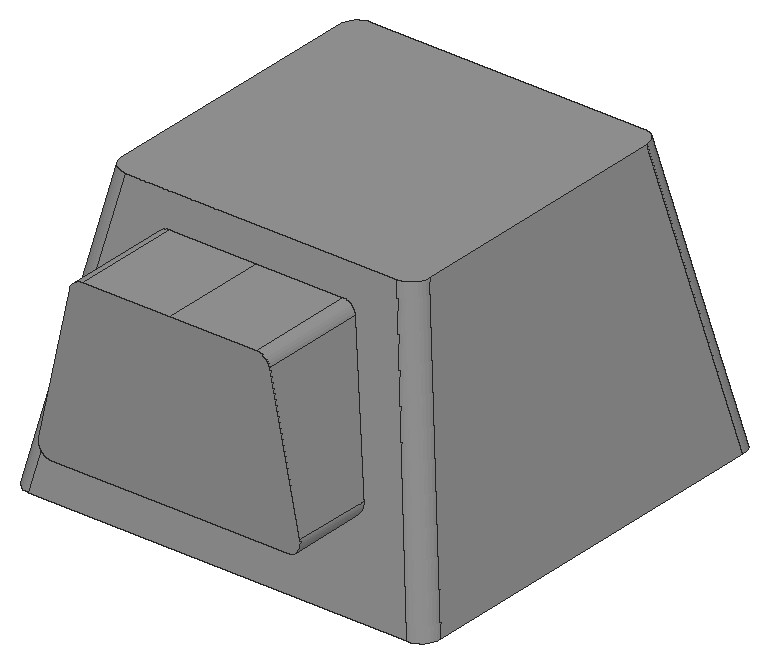
Revit family "63_UN_WallMount_SWF MINI_Norton", category Lighting Fixtures, Revit 2019
Family settings
  Round Connector Dimension = Use Diameter
  Part Type = Normal
  OmniClass Number = 23.80.70.11.14.11
  OmniClass Title = Downlights
  Work Plane-Based = No
  Always vertical = Yes
  Cut with Voids When Loaded = Yes
  Light Source = Yes
  Shared = No
  Room Calculation Point = Yes
Parameters (values of type "SWFMINI83LM1200")
  Weight = "1.9kg"
  Wattage Comments = "10W"
  Wattage = 8.41513 W
  built-in parameter 1150110 = 1 (stored number, unit not read)
  Voltage = 230 V
  URL = "https://www.norton.nl/nl/home"
  Type Comments = ""
  built-in parameter 1114217 = 1 (stored number, unit not read)
  Tilt Angle = 90.00°
  built-in parameter 1150109 = 1 (stored number, unit not read)
  built-in parameter 1150134 = 3
  Switch Code [instance] = ""
  built-in parameter 1150113 = 1 (stored number, unit not read)
  Photometric Web File = "SWFMINI83LM1200_LDT.ies"
  Model = "SWF"
  Manufacturer = "Norton"
  built-in parameter 1150105 = 99.472 (stored number, unit not read)
  Luminous Flux (lm) = 1250 lm
  Lumens = 1250 lm
  built-in parameter 1150115 = 1 (stored number, unit not read)
  Luminaire Code [instance] = ""
  built-in parameter 1150137 = (empty or 0)
  built-in parameter 1150139 = (empty or 0)
  built-in parameter 1150112 = 1 (stored number, unit not read)
  built-in parameter 1150114 = 1 (stored number, unit not read)
  Lamp = "LED"
  built-in parameter 1150132 = 2
  built-in parameter 1150102 = (empty or 0)
  built-in parameter 1150107 = 3200 (stored number, unit not read)
  built-in parameter 1150138 = (empty or 0)
  built-in parameter 1150106 = 0.99472 (stored number, unit not read)
  IfcExportType = "USERDEFINED"
  IfcExportAs = "IfcLightFixtureType"
  Housing_Material = Anthracite
  Emit from Rectangle Width = 93 mm
  Emit from Rectangle Length = 57 mm
  Emit Shape Visible in Rendering = no
  built-in parameter 1150104 = 13.8 (stored number, unit not read)
  Dimming Lamp Color Temperature Shift = <None>
  Description = "IP66 / IK10"
  Content Creator® = "www.ivlibrary.com"
  Color Filter = 16777215
  Calc_Symbol_Width = 155 mm
  Calc_Symbol_Length = 160 mm
  built-in parameter 1114218 = 1 (stored number, unit not read)
  built-in parameter 1150133 = 10 (stored number, unit not read)
  Assembly Code = "63.0"
  Apparent Load = 10 VA
Types (4, lengths in mm): name | Wattage Comments | Wattage | Photometric Web File | built-in parameter 1150105 | Luminous Flux (lm) | Lumens | built-in parameter 1150106 | Apparent Load
  SWFMINI83LM2500 | "20W" | 16.8303 W | "SWFMINI83LM2500_LDT.ies" | 417.55 (stored number, unit not read) | 2500 lm | 2500 lm | 4.1755 (stored number, unit not read) | 20 VA
  SWFMINI83LM1200 | "10W" | 8.41513 W | "SWFMINI83LM1200_LDT.ies" | 99.472 (stored number, unit not read) | 1250 lm | 1250 lm | 0.99472 (stored number, unit not read) | 10 VA
  SWFMINI84LM1200 | "10W" | 8.41513 W | "SWFMINI84LM1200_LDT.ies" | 99.472 (stored number, unit not read) | 1250 lm | 1250 lm | 0.99472 (stored number, unit not read) | 10 VA
  SWFMINI84LM2500 | "20W" | 16.8303 W | "SWFMINI84LM2500_LDT.ies" | 198.94 (stored number, unit not read) | 2500 lm | 2500 lm | 1.9894 (stored number, unit not read) | 20 VA
Reference planes
  plane 1 "Center (Front/Back)": y = 0
  plane 2: z = 0
  plane 3 "Center (Left/Right)": x = 0
Lines and regions (mm)
  symbolic lines
    curve 1: line (57.5, 19.116, 0) -> (-57.5, 19.116, 0)
    curve 2: line (77.5, 39.116, 0) -> (77.5, 159.116, 0)
    curve 3: line (57.5, 179.116, 0) -> (-57.5, 179.116, 0)
    curve 4: line (-77.5, 159.116, 0) -> (-77.5, 39.116, 0)
    curve 5: arc (57.5, 19.116, 0) -> (71.642, 24.974, 0) -> (77.5, 39.116, 0) r 20
    curve 6: arc (-57.5, 19.116, 0) -> (-71.642, 24.974, 0) -> (-77.5, 39.116, 0) r 20
    curve 7: arc (-77.5, 159.116, 0) -> (-71.642, 173.258, 0) -> (-57.5, 179.116, 0) r 20
    curve 8: arc (77.5, 159.116, 0) -> (71.642, 173.258, 0) -> (57.5, 179.116, 0) r 20
    curve 9: line (0, 41.616, 0) -> (0, 151.616, 0)
    curve 10: line (0, 151.616, 0) -> (-49.497, 102.119, 0)
    curve 11: line (0, 151.616, 0) -> (49.497, 102.119, 0)
    curve 12: line (-85, 0, 0) -> (85, 0, 0)
    curve 13: line (0, 0, 0) -> (0, 19.116, 0)
Dimensions and locks
  "Calc_Symbol_Length": curve 3 to curve 1
  equal spacing: curve 4, plane 3 "Center (Left/Right)", curve 2
  "Calc_Symbol_Width": curve 4 to curve 2
  curve 1 to plane 1 "Center (Front/Back)" = 19.116 mm
  aligned and locked: level to plane 2
Automatic sketch dimensions
  plane 1 "Center (Front/Back)" to curve 12 = 0 mm
  curve 11 to plane 3 "Center (Left/Right)" = 0 mm
  curve 13 to plane 3 "Center (Left/Right)" = 0 mm
  curve 4 to curve 3 = 20 mm
  curve 6 to curve 1 = 20 mm
  curve 8 to curve 8 = 20 mm
  curve 5 to curve 2 = 20 mm
  curve 11 to curve 8 = 7.5 mm
  curve 12 to curve 1 = 27.5 mm
  curve 10 to plane 3 "Center (Left/Right)" = 49.497 mm
  plane 3 "Center (Left/Right)" to curve 11 = 49.497 mm
  curve 1 to curve 12 = 27.5 mm
  curve 13 to curve 9 = 22.5 mm
  curve 10 to curve 7 = 56.997 mm
Nested families
  nested 1: "SWF Mini Geometry" at (0, 88.496, 0), type "SWF Mini Geometry"
    with Material Anthracite
Connectors
  electrical at (0, 0, 62.206), driven by "Voltage", driven by "Apparent Load"
    settings: on nested 1, index 1, voltage 230 V, apparent load 0 VA, apparent load phase1 10 VA, apparent load phase2 0 VA, apparent load phase3 0 VA, power factor 1, load classification "Other", number of poles 1, system type 31, power factor state 1, is connector primary yes, connector utility no, sub classification motor no, connector description ""
Definition of nested family "SWF Mini Geometry"
  Parameters (values of type "SWF Mini Geometry")
    Material [instance] = none
  Reference planes
    plane 1 "Light Source Axis (F/B)": y = 0
    plane 2: z = 0
    plane 3 "Light Source Axis (L/R)": x = 0
    plane 4 "Light Source Elevation": z = 1500
  Forms (mm)
    Blend 1, solid, material <- "Material"
      base sketch origin (0, 0, 0) x (1, 0, 0) y (0, 1, 0)
        loop
          arc (-70.5, 89.214) -> (-75.45, 87.164) -> (-77.5, 82.214) r 7
          line (-77.5, 82.214) -> (-77.5, -58.786)
          arc (-77.5, -58.786) -> (-75.45, -63.736) -> (-70.5, -65.786) r 7
          line (-70.5, -65.786) -> (70.534, -65.786)
          arc (70.534, -65.786) -> (75.46, -63.746) -> (77.5, -58.82) r 6.966
          line (77.5, -58.82) -> (77.5, 82.214)
          arc (77.5, 82.214) -> (75.45, 87.164) -> (70.5, 89.214) r 7
          line (70.5, 89.214) -> (-70.5, 89.214)
      top sketch origin (0, 0, 0) x (1, 0, 0) y (0, 1, 0)
        loop
          arc (-50.5, 69.214) -> (-55.45, 67.164) -> (-57.5, 62.214) r 7
          line (-57.5, 62.214) -> (-57.5, -38.786)
          arc (-57.5, -38.786) -> (-55.45, -43.736) -> (-50.5, -45.786) r 7
          line (-50.5, -45.786) -> (50.5, -45.786)
          arc (50.5, -45.786) -> (55.45, -43.736) -> (57.5, -38.786) r 7
          line (57.5, -38.786) -> (57.5, 62.214)
          arc (57.5, 62.214) -> (55.45, 67.164) -> (50.5, 69.214) r 7
          line (50.5, 69.214) -> (-50.5, 69.214)
      from 0 to 105
    Extrusion 2, void
      sketch origin (0, 0, 0) x (1, 0, 0) y (0, 1, 0)
        loop
          line (70.5, 87.214) -> (-70.5, 87.214)
          arc (-70.5, 87.214) -> (-74.036, 85.75) -> (-75.5, 82.214) r 5
          line (-75.5, 82.214) -> (-75.5, -58.786)
          arc (-75.5, -58.786) -> (-74.036, -62.321) -> (-70.5, -63.786) r 5
          line (-70.5, -63.786) -> (70.534, -63.786)
          arc (70.534, -63.786) -> (74.045, -62.331) -> (75.5, -58.82) r 4.966
          line (75.5, -58.82) -> (75.5, 82.214)
          arc (75.5, 82.214) -> (74.036, 85.75) -> (70.5, 87.214) r 5
      from 0 to 2
    Extrusion 3, solid
      sketch origin (-0.863, 17.189, 0) x (1, 0, 0) y (0, 1, 0)
        loop
          line (-45.774, 17.868) -> (-45.774, -28.75)
          arc (-45.774, -28.75) -> (-44.31, -32.286) -> (-40.774, -33.75) r 5
          line (-40.774, -33.75) -> (42.534, -33.75)
          arc (42.534, -33.75) -> (46.045, -32.295) -> (47.5, -28.784) r 4.966
          line (47.5, -28.784) -> (47.5, 17.868)
          arc (47.5, 17.868) -> (46.036, 21.403) -> (42.5, 22.868) r 5
          line (42.5, 22.868) -> (-40.774, 22.868)
          arc (-40.774, 22.868) -> (-44.31, 21.403) -> (-45.774, 17.868) r 5
      from 0 to 2
    Extrusion 4, solid, material <- "Material"
      sketch origin (0, 0, 0) x (1, 0, 0) y (0, 0, 1)
        loop
          line (0, 30) -> (43.826, 30)
          arc (43.826, 30) -> (47.711, 31.853) -> (48.716, 36.04) r 5
          line (48.716, 36.04) -> (37.328, 89.619)
          arc (37.328, 89.619) -> (35.583, 92.465) -> (32.437, 93.58) r 5
          line (32.437, 93.58) -> (0, 93.58) -> (-32.437, 93.58)
          arc (-32.437, 93.58) -> (-35.583, 92.465) -> (-37.328, 89.619) r 5
          line (-37.328, 89.619) -> (-48.716, 36.04)
          arc (-48.716, 36.04) -> (-47.711, 31.853) -> (-43.826, 30) r 5
          line (-43.826, 30) -> (0, 30)
      from 45.786 to 88.496
    Extrusion 5, solid, material <- "Material"
      sketch origin (0, 0, 0) x (1, 0, 0) y (0, 1, 0)
        loop
          line (70.5, 87.214) -> (-70.5, 87.214)
          arc (-70.5, 87.214) -> (-74.036, 85.75) -> (-75.5, 82.214) r 5
          line (-75.5, 82.214) -> (-75.5, -58.786)
          arc (-75.5, -58.786) -> (-74.036, -62.321) -> (-70.5, -63.786) r 5
          line (-70.5, -63.786) -> (70.534, -63.786)
          arc (70.534, -63.786) -> (74.045, -62.331) -> (75.5, -58.82) r 4.966
          line (75.5, -58.82) -> (75.5, 82.214)
          arc (75.5, 82.214) -> (74.036, 85.75) -> (70.5, 87.214) r 5
        loop
          line (41.637, 40.057) -> (-41.637, 40.057)
          arc (-41.637, 40.057) -> (-45.173, 38.593) -> (-46.637, 35.057) r 5
          line (-46.637, 35.057) -> (-46.637, -11.561)
          arc (-46.637, -11.561) -> (-45.173, -15.096) -> (-41.637, -16.561) r 5
          line (-41.637, -16.561) -> (41.671, -16.561)
          arc (41.671, -16.561) -> (45.182, -15.106) -> (46.637, -11.595) r 4.966
          line (46.637, -11.595) -> (46.637, 35.057)
          arc (46.637, 35.057) -> (45.173, 38.593) -> (41.637, 40.057) r 5
      from 0 to 2
  Cuts and joins
    Extrusion 2 cuts Blend 1
    joined: Blend 1, Extrusion 4, Extrusion 5
  Dimensions and locks
    aligned and locked: level to plane 2
